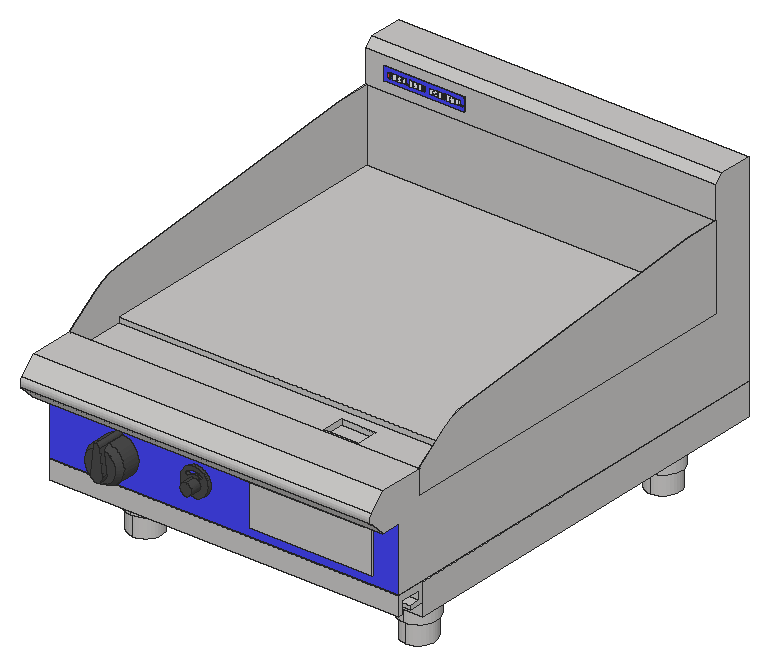
Revit family "QF_MOFFAT_BLUESEAL_CE_GP514-B", category Specialty Equipment, Revit 2012
Parameters
  Width = 600 mm
  Weight in Pounds = 238  # constant formula
  URL Cutsheet = "www.moffat.com"
  URL = "www.moffat.com"
  Type Mark [instance] = ""
  Status [instance] = ""
  Specification by User [instance] = ""
  Specification by Manufacturer = ""
  Show Logo [instance] = yes
  Serial Number = ""
  Seismic Rating = ""
  SMACNA No = ""
  Revision Code [instance] = ""
  Omniclass Number and Title = ""
  NAFEM Spec ID Number = ""
  Model = "GP514-B"
  Mechanical Remarks = ""
  Mechanical Connection Type = ""
  Masterspec = ""
  Manufacturer = "MOFFAT BLUESEAL"
  Keynote = ""
  Item Number [instance] = ""
  Installed By [instance] = ""
  Identify Quantity as Lot [instance] = yes
  Gas Size = 3/4"
  Gas RI Height [instance] = 0 mm
  Gas KW = 14.5
  Gas Input = 49300.0 Btu/h
  Gas Connection Height = 0 mm
  Furnished By [instance] = ""
  Foodservice Equipment Identifier [instance] = yes
  Description = "600MM GAS GRIDDLE PLATE BENCH MOUNT"
  Depth = 812 mm
  CSI MasterFormat = ""
  CSI Master Format = ""
  Base Height [instance] = 85 mm  # constant formula
Reference planes
  plane 1 "BACK": y = 0
  plane 2: z = 0
  plane 3 "LEFT": x = 0
  plane 4 "RIGHT": x = 600
  plane 5 "FRONT": y = -812
  plane 6 "TOP": z = 370
  plane 7 "Center Y": x = 300
  plane 8 "Center X": y = -406
  plane 9 "Base Height": z = 85
  plane 10: z = 110
  plane 11: y = -31
  plane 12: z = 485
  plane 13: y = -100
  plane 14: y = -625
  plane 15: x = 65.5
Forms (mm)
  Extrusion 1, solid, material "QF_Finishes_Stainless Steel"
    sketch origin (0, 0, 0) x (0, 1, 0) y (0, 0, 1)
      loop
        line (-749, 250) -> (-749, 140) -> (0, 140) -> (0, 485) -> (-57.5, 485) -> (-70, 472.5) -> (-70, 275) -> (-705, 275) -> (-705, 315) -> (-783.97, 315) -> (-808.485, 290.485)
        arc (-808.485, 290.485) -> (-811.999, 282) -> (-808.485, 273.515) r 12
        line (-808.485, 273.515) -> (-784.97, 250) -> (-749, 250)
      loop
        line (0, 85) -> (0, 139.206) -> (-699, 139.206) -> (-699, 85) -> (0, 85)
      loop
        line (-749, 139.206) -> (-749, 107.019) -> (-742.6, 107.019) -> (-742.6, 127.806) -> (-706.181, 127.806) -> (-706.181, 113.419) -> (-724.781, 113.419) -> (-724.781, 107.019) -> (-699.806, 107.019) -> (-699.806, 139.206) -> (-749, 139.206)
    from 0 to 600
  Revolve 2, solid, material "QF_Finishes_Stainless Steel"
    sketch origin (65.5, -728, 0) x (0, 1, 0) y (0, 0, 1)
      loop
        line (71.25, 85) -> (71.25, 35) -> (75.5, 35) -> (75.5, 0) -> (103, 0) -> (103, 85) -> (71.25, 85)
      axis (103, 85) -> (103, 0)
    angle from 0 to 360
  Revolve 3, solid, material "QF_Finishes_Stainless Steel"
    sketch origin (65.5, -211, 0) x (0, 1, 0) y (0, 0, 1)
      loop
        line (79.25, 85) -> (79.25, 35) -> (83.5, 35) -> (83.5, 0) -> (111, 0) -> (111, 85) -> (79.25, 85)
      axis (111, 85) -> (111, 0)
    angle from 0 to 360
  Revolve 4, solid, material "QF_Finishes_Black"
    sketch origin (127.768, 0, 22.808) x (0, -1, 0) y (0, 0, -1)
      loop
        line (789, -204.605) -> (800, -198.757) -> (800, -172.105) -> (749, -172.105) -> (749, -177.105) -> (759, -177.105) -> (759, -204.605) -> (789, -204.605)
      axis (800, -172.105) -> (749, -172.105)
    angle from 0 to 360
  Extrusion 5, solid, material "QF_Finishes_Black"
    sketch origin (118.701, 0, -79.102) x (-1, 0, 0) y (0, 0, -1)
      loop
        line (-19.488, -263.597) -> (-14.068, -306.515)
        arc (-14.068, -306.515) -> (-9.069, -311.402) -> (-4.07, -306.515) r 5
        line (-4.07, -306.515) -> (1.418, -262.43)
        arc (1.418, -262.43) -> (-9.653, -251.931) -> (-19.488, -263.597) r 10.487
    from 759 to 808
  Extrusion 6, solid, material "QF_Finishes_Stainless Steel"
    sketch origin (0, 0, 85) x (-1, 0, 0) y (0, 1, 0)
      loop
        circle (-470, -32) r 9.525
    from 0 to 15
  Revolve 7, solid, material "QF_Finishes_Stainless Steel"
    sketch origin (534.5, -728, 0) x (0, 1, 0) y (0, 0, -1)
      loop
        line (71.25, -85) -> (103, -85) -> (103, 0) -> (75.5, 0) -> (75.5, -35) -> (71.25, -35) -> (71.25, -85)
      axis (103, -85) -> (103, 0)
    angle from 0 to 360
  Revolve 8, solid, material "QF_Finishes_Stainless Steel"
    sketch origin (534.5, -211, 0) x (0, 1, 0) y (0, 0, -1)
      loop
        line (79.25, -85) -> (111, -85) -> (111, 0) -> (83.5, 0) -> (83.5, -35) -> (79.25, -35) -> (79.25, -85)
      axis (111, -85) -> (111, 0)
    angle from 0 to 360
  Extrusion 9, solid, material "QF_Finishes_Black"
    sketch origin (-57.5, -749, 264.021) x (0, 0, -1) y (1, 0, 0)
      loop
        circle (70, 310) r 24
      loop
        arc (60.1, 324.896) -> (52.078, 310.125) -> (59.882, 295.237) r 17.853
        arc (59.882, 295.237) -> (60.368, 294.997) -> (60.877, 295.182) r 0.689
        arc (60.877, 295.182) -> (62.232, 297.533) -> (62.658, 300.213) r 7.474
        arc (62.658, 300.213) -> (62.48, 301.239) -> (62.006, 302.166) r 3.462
        arc (62.006, 302.166) -> (59.591, 309.854) -> (61.844, 317.591) r 13.91
        arc (61.844, 317.591) -> (62.579, 319.157) -> (62.749, 320.878) r 5.108
        arc (62.749, 320.878) -> (62.234, 322.956) -> (61.084, 324.76) r 6.626
        arc (61.084, 324.76) -> (60.611, 324.967) -> (60.1, 324.896) r 0.947
    from 0 to 5
  Extrusion 10, solid, material "QF_Finishes_Black"
    sketch origin (-57.5, -754, 264.021) x (0, 0, -1) y (1, 0, 0)
      loop
        circle (73.5, 310) r 10.124
    from 0 to 18.251
  Extrusion 11, solid, material "QF_Finishes_Stainless Steel"
    sketch origin (450, -749, 267.771) x (0, 0, -1) y (1, 0, 0)
      loop
        line (26.5, -105) -> (113.5, -105) -> (113.5, 105) -> (26.5, 105) -> (26.5, -105)
    from 0 to 2.5
  Extrusion 12, solid, material "QF_Finishes_Stainless Steel"
    sketch origin (450, 0, -598.229) x (0, -1, 0) y (0, 0, 1)
      loop
        line (751.5, 839.5) -> (751.5, 837) -> (769.695, 837) -> (769.695, 839.5) -> (751.5, 839.5)
    from -105 to 105
Cuts and joins
  joined: Revolve 4, Extrusion 5
Lines and regions (mm)
  Split face 1
    outline origin (0, -56.5, 485) x (0, 1, 0) y (-1, 0, 0)
      loop
        arc (11.115, -264.794) -> (16.115, -273.455) -> (26.115, -273.455) r 10
        line (26.115, -273.455) -> (33.115, -269.413)
        arc (33.115, -269.413) -> (36.775, -265.753) -> (38.115, -260.753) r 10
        line (38.115, -260.753) -> (38.115, -32.794)
        arc (38.115, -32.794) -> (33.115, -24.134) -> (23.115, -24.134) r 10
        line (23.115, -24.134) -> (16.115, -28.176)
        arc (16.115, -28.176) -> (12.455, -31.836) -> (11.115, -36.836) r 10
        line (11.115, -36.836) -> (11.115, -264.794)
  Split face 2
    outline origin (0, -56.5, 485) x (0, 1, 0) y (-1, 0, 0)
      loop
        arc (11.115, -564.794) -> (16.115, -573.455) -> (26.115, -573.455) r 10
        line (26.115, -573.455) -> (33.115, -569.413)
        arc (33.115, -569.413) -> (36.775, -565.753) -> (38.115, -560.753) r 10
        line (38.115, -560.753) -> (38.115, -332.794)
        arc (38.115, -332.794) -> (33.115, -324.134) -> (23.115, -324.134) r 10
        line (23.115, -324.134) -> (16.115, -328.176)
        arc (16.115, -328.176) -> (12.455, -331.836) -> (11.115, -336.836) r 10
        line (11.115, -336.836) -> (11.115, -564.794)
  symbolic lines
    curve 1: line (0, 0, 0) -> (0, -812, 0)
    curve 2: line (600, 0, 0) -> (0, 0, 0)
    curve 3: line (600, -812, 0) -> (600, 0, 0)
    curve 4: line (0, -70, 0) -> (600, -70, 0)
    curve 5: line (0, -812, 0) -> (600, -812, 0)
    curve 6: line (600, -705, 0) -> (0, -705, 0)
    curve 7: line (0, -783.97, 0) -> (600, -783.97, 0)
    curve 8: line (0, -57.5, 0) -> (600, -57.5, 0)
    curve 9: line (2, -705, 0) -> (2, -70, 0)
    curve 10: line (598, -70, 0) -> (598, -705, 0)
    curve 11: line (260.753, -18.385, 0) -> (32.794, -18.385, 0)
    curve 12: arc (32.794, -18.385, 0) -> (24.134, -23.385, 0) -> (24.134, -33.385, 0) r 10
    curve 13: line (24.134, -33.385, 0) -> (28.176, -40.385, 0)
    curve 14: arc (28.176, -40.385, 0) -> (31.836, -44.045, 0) -> (36.836, -45.385, 0) r 10
    curve 15: line (36.836, -45.385, 0) -> (264.794, -45.385, 0)
    curve 16: arc (264.794, -45.385, 0) -> (273.455, -40.385, 0) -> (273.455, -30.385, 0) r 10
    curve 17: line (273.455, -30.385, 0) -> (269.413, -23.385, 0)
    curve 18: arc (269.413, -23.385, 0) -> (265.753, -19.725, 0) -> (260.753, -18.385, 0) r 10
    curve 19: line (332.794, -18.385, 0) -> (560.753, -18.385, 0)
    curve 20: arc (560.753, -18.385, 0) -> (565.753, -19.725, 0) -> (569.413, -23.385, 0) r 10
    curve 21: line (569.413, -23.385, 0) -> (573.455, -30.385, 0)
    curve 22: arc (573.455, -30.385, 0) -> (573.455, -40.385, 0) -> (564.794, -45.385, 0) r 10
    curve 23: line (564.794, -45.385, 0) -> (336.836, -45.385, 0)
    curve 24: arc (336.836, -45.385, 0) -> (331.836, -44.045, 0) -> (328.176, -40.385, 0) r 10
    curve 25: line (328.176, -40.385, 0) -> (324.134, -33.385, 0)
    curve 26: arc (324.134, -33.385, 0) -> (324.134, -23.385, 0) -> (332.794, -18.385, 0) r 10
Dimensions and locks
  equal spacing: plane 3 "LEFT", plane 7 "Center Y", plane 4 "RIGHT"
  "Width": plane 3 "LEFT" to plane 4 "RIGHT"
  equal spacing: plane 5 "FRONT", plane 8 "Center X", plane 1 "BACK"
  "Depth": plane 5 "FRONT" to plane 1 "BACK"
  equal spacing: plane 4 "RIGHT", plane 7 "Center Y", plane 3 "LEFT"
  plane 4 "RIGHT" to plane 3 "LEFT" = 600 mm
  plane 5 "FRONT" to plane 1 "BACK" = 812 mm
  "Base Height": plane 9 "Base Height" to level
  Revolve 4 sketch curve to Revolve 4 sketch curve to Revolve 4 sketch curve to Revolve 4 sketch curve = 5.849 mm locked, 21.651 mm locked, 5 mm locked
  plane 10 to level = 110 mm
  plane 11 to plane 1 "BACK" = 31 mm
  locked: plane 12 to plane 9 "Base Height" at 400
  plane 14 to plane 13 = 525 mm
  Extrusion 6 sketch curve to plane 4 "RIGHT" = 130 mm
  aligned and locked: level to plane 2
  aligned and locked: curve 3 to plane 4 "RIGHT"
  aligned and locked: Revolve 4 sketch curve to Extrusion 1
  aligned and locked: Extrusion 1 sketch curve to plane 12
Automatic sketch dimensions
  Extrusion 1 sketch curve to plane 9 "Base Height" = 0 mm
  Extrusion 1 sketch curve to plane 1 "BACK" = 0 mm  (x2)
  Extrusion 1 sketch curve to plane 11 = 26.5 mm
  Extrusion 1 sketch curve to Extrusion 1 sketch curve = 12.5 mm
  plane 10 to Extrusion 1 sketch curve = 29.206 mm
  Extrusion 1 sketch curve to plane 14 = 74 mm
  Extrusion 1 sketch curve to plane 10 = 2.981 mm  (x2)
  Extrusion 1 sketch curve to Extrusion 1 sketch curve = 0.806 mm
  Extrusion 1 sketch curve to plane 14 = 80 mm
  Extrusion 1 sketch curve to Extrusion 1 sketch curve = 6.376 mm
  Extrusion 1 sketch curve to Extrusion 1 sketch curve = 18.6 mm
  Extrusion 1 sketch curve to Extrusion 1 sketch curve = 17.819 mm
  Extrusion 1 sketch curve to Extrusion 1 sketch curve = 6.4 mm
  Extrusion 1 sketch curve to Extrusion 1 sketch curve = 0 mm  (x2)
  Extrusion 1 sketch curve to plane 5 "FRONT" = 28.03 mm
  Extrusion 1 sketch curve to plane 5 "FRONT" = 27.03 mm
  Extrusion 1 sketch curve to plane 5 "FRONT" = 12.001 mm
  Extrusion 1 sketch curve to plane 5 "FRONT" = 3.515 mm  (x2)
  plane 10 to Extrusion 1 sketch curve = 3.419 mm
  plane 10 to Extrusion 1 sketch curve = 17.806 mm
  Extrusion 1 sketch curve to Extrusion 1 sketch curve = 0.794 mm
  Extrusion 1 sketch curve to Extrusion 1 sketch curve = 110 mm
  Extrusion 1 sketch curve to Extrusion 1 sketch curve = 23.515 mm
  Extrusion 1 sketch curve to plane 6 "TOP" = 95 mm
  Extrusion 1 sketch curve to Extrusion 1 sketch curve = 8.485 mm
  Extrusion 1 sketch curve to Extrusion 1 sketch curve = 24.515 mm
  Extrusion 1 sketch curve to plane 12 = 12.5 mm
  Revolve 2 sketch curve to plane 9 "Base Height" = 0 mm
  Revolve 2 sketch curve to level = 0 mm
  Revolve 2 sketch curve to plane 14 = 0 mm  (x2)
  Revolve 2 sketch curve to Revolve 2 sketch curve = 27.5 mm
  Revolve 2 sketch curve to Revolve 2 sketch curve = 31.75 mm
  Revolve 2 sketch curve to Revolve 2 sketch curve = 55 mm
  level to Revolve 2 sketch curve = 35 mm
  Revolve 2 sketch curve to Revolve 2 sketch curve = 30 mm
  Revolve 3 sketch curve to plane 9 "Base Height" = 0 mm
  Revolve 3 sketch curve to level = 0 mm
  Revolve 3 sketch curve to plane 13 = 0 mm  (x2)
  Revolve 3 sketch curve to Revolve 3 sketch curve = 27.5 mm
  Revolve 3 sketch curve to Revolve 3 sketch curve = 31.75 mm
  Revolve 3 sketch curve to Revolve 3 sketch curve = 55 mm
  level to Revolve 3 sketch curve = 35 mm
  Revolve 3 sketch curve to Revolve 3 sketch curve = 30 mm
  Revolve 4 sketch curve to Revolve 4 sketch curve = 10 mm
  Revolve 4 sketch curve to Revolve 4 sketch curve = 21.3 mm
  Revolve 4 sketch curve to plane 5 "FRONT" = 23 mm
  Revolve 4 sketch curve to plane 5 "FRONT" = 12 mm
  Revolve 4 sketch curve to Revolve 4 sketch curve = 0 mm  (x2)
  plane 10 to Revolve 4 sketch curve = 117.413 mm
  Extrusion 5 sketch curve to plane 7 "Center Y" = 161.81 mm
  Extrusion 5 sketch curve to plane 7 "Center Y" = 167.231 mm
  Extrusion 5 sketch curve to Extrusion 5 sketch curve = 4.999 mm  (x2)
  plane 10 to Extrusion 5 sketch curve = 117.413 mm
  Extrusion 5 sketch curve to Extrusion 5 sketch curve = 0.113 mm
  Extrusion 5 sketch curve to Extrusion 5 sketch curve = 42.919 mm
  Extrusion 5 sketch curve to Extrusion 5 sketch curve = 1.167 mm
  Extrusion 1 to Extrusion 6 sketch curve = 32 mm
  Revolve 7 sketch curve to plane 9 "Base Height" = 0 mm
  Revolve 7 sketch curve to level = 0 mm
  Revolve 7 sketch curve to plane 14 = 0 mm  (x2)
  Revolve 7 sketch curve to Revolve 7 sketch curve = 27.5 mm
  Revolve 7 sketch curve to Revolve 7 sketch curve = 31.75 mm
  Revolve 7 sketch curve to Revolve 7 sketch curve = 30 mm
  Revolve 7 sketch curve to Revolve 7 sketch curve = 20 mm
  Revolve 7 sketch curve to level = 55 mm
  Revolve 8 sketch curve to plane 9 "Base Height" = 0 mm
  Revolve 8 sketch curve to level = 0 mm
  Revolve 8 sketch curve to plane 13 = 0 mm  (x2)
  Revolve 8 sketch curve to Revolve 8 sketch curve = 27.5 mm
  Revolve 8 sketch curve to Revolve 8 sketch curve = 31.75 mm
  Revolve 8 sketch curve to Revolve 8 sketch curve = 30 mm
  Revolve 8 sketch curve to Revolve 8 sketch curve = 20 mm
  Revolve 8 sketch curve to level = 55 mm
  Extrusion 5 sketch curve to Extrusion 5 sketch curve = 10.419 mm
  Extrusion 5 sketch curve to Extrusion 5 sketch curve = 10.487 mm
  plane 1 "BACK" to curve 1 = 0 mm
  curve 1 to plane 3 "LEFT" = 0 mm
  plane 5 "FRONT" to curve 1 = 0 mm
  plane 3 "LEFT" to curve 9 = 2 mm
  plane 4 "RIGHT" to curve 10 = 2 mm
  curve 7 to plane 5 "FRONT" = 28.03 mm
  curve 7 to curve 6 = 78.97 mm
  plane 13 to curve 9 = 30 mm
  curve 4 to curve 8 = 12.5 mm
  Extrusion 9 sketch curve to plane 7 "Center Y" = 47.5 mm  (x2)
  Extrusion 9 sketch curve to plane 7 "Center Y" = 57.473 mm
  Extrusion 9 sketch curve to plane 12 = 276.166 mm
  Extrusion 9 sketch curve to plane 7 "Center Y" = 37.157 mm
  Extrusion 9 sketch curve to Extrusion 9 sketch curve = 0.958 mm
  Extrusion 9 sketch curve to Extrusion 9 sketch curve = 1.509 mm
  Extrusion 9 sketch curve to Extrusion 9 sketch curve = 4.01 mm
  Extrusion 9 sketch curve to Extrusion 9 sketch curve = 0.685 mm
  Extrusion 9 sketch curve to Extrusion 9 sketch curve = 2.447 mm
  Extrusion 9 sketch curve to Extrusion 9 sketch curve = 0.524 mm
  Extrusion 9 sketch curve to Extrusion 9 sketch curve = 0.381 mm
  Extrusion 9 sketch curve to Extrusion 9 sketch curve = 0.472 mm
  Extrusion 9 sketch curve to Extrusion 9 sketch curve = 0 mm  (x4)
  Extrusion 9 sketch curve to Extrusion 9 sketch curve = 0.602 mm
  Extrusion 9 sketch curve to Extrusion 9 sketch curve = 4.19 mm
  Extrusion 9 sketch curve to Extrusion 9 sketch curve = 2.809 mm
  Extrusion 9 sketch curve to Extrusion 9 sketch curve = 0.652 mm
  Extrusion 9 sketch curve to Extrusion 9 sketch curve = 0.905 mm
  Extrusion 9 sketch curve to plane 7 "Center Y" = 47.507 mm
  Extrusion 9 sketch curve to Extrusion 9 sketch curve = 8.087 mm
  Extrusion 9 sketch curve to Extrusion 9 sketch curve = 0.069 mm
  Extrusion 9 sketch curve to Extrusion 9 sketch curve = 3.5 mm
  plane 4 "RIGHT" to Extrusion 11 sketch curve = 45 mm
  Extrusion 11 sketch curve to plane 12 = 243.729 mm
  Extrusion 11 sketch curve to Extrusion 11 sketch curve = 87 mm
  plane 7 "Center Y" to Extrusion 11 sketch curve = 45 mm
  Extrusion 12 sketch curve to plane 5 "FRONT" = 60.5 mm
  Extrusion 12 sketch curve to Extrusion 12 sketch curve = 18.195 mm
  Extrusion 12 sketch curve to plane 12 = 246.229 mm
  Extrusion 12 sketch curve to Extrusion 12 sketch curve = 2.5 mm
  Split face 1 sketch curve to Extrusion 1 = 12.115 mm
  Split face 1 sketch curve to Split face 1 sketch curve = 5 mm  (x3)
  Split face 1 sketch curve to Split face 1 sketch curve = 10 mm  (x2)
  Split face 1 sketch curve to Split face 1 sketch curve = 7 mm  (x4)
  Split face 1 sketch curve to Extrusion 1 = 326.545 mm
  Split face 1 sketch curve to Split face 1 sketch curve = 4.041 mm  (x2)
  Split face 1 sketch curve to Extrusion 1 = 563.164 mm
  Split face 2 sketch curve to Extrusion 1 = 12.115 mm
  Split face 2 sketch curve to Split face 2 sketch curve = 5 mm  (x3)
  Split face 2 sketch curve to Split face 2 sketch curve = 10 mm  (x2)
  Split face 2 sketch curve to Split face 2 sketch curve = 7 mm  (x4)
  Split face 2 sketch curve to Extrusion 1 = 26.545 mm
  Split face 2 sketch curve to Split face 2 sketch curve = 4.041 mm  (x2)
  Split face 2 sketch curve to Split face 2 sketch curve = 223.917 mm
  curve 13 to plane 11 = 2.385 mm
  plane 3 "LEFT" to curve 13 = 24.134 mm
  curve 13 to curve 14 = 4.041 mm
  plane 11 to curve 12 = 2.615 mm
  curve 12 to curve 12 = 8.66 mm
  curve 14 to plane 11 = 4.385 mm
  curve 12 to curve 14 = 4.041 mm
  curve 11 to plane 7 "Center Y" = 39.247 mm
  curve 18 to curve 16 = 4.041 mm
  plane 11 to curve 18 = 7.615 mm
  curve 18 to curve 18 = 8.66 mm
  plane 11 to curve 17 = 0.615 mm
  curve 18 to curve 17 = 4.041 mm
  curve 16 to plane 11 = 14.385 mm
  curve 25 to plane 11 = 2.385 mm
  plane 7 "Center Y" to curve 25 = 24.134 mm
  curve 25 to plane 11 = 9.385 mm
  curve 25 to curve 25 = 4.041 mm
  plane 11 to curve 26 = 2.615 mm
  curve 26 to curve 26 = 8.66 mm
  curve 26 to curve 24 = 4.041 mm
  plane 4 "RIGHT" to curve 20 = 39.247 mm
  curve 22 to plane 11 = 4.385 mm
  curve 20 to curve 22 = 4.041 mm  (x2)
  plane 11 to curve 21 = 7.615 mm
  curve 19 to curve 21 = 8.66 mm
  plane 11 to curve 22 = 0.615 mm
  radius of Extrusion 6 sketch curve = 9.525 mm
  radius of Extrusion 9 sketch curve = 24 mm
  radius of Extrusion 10 sketch curve to Extrusion 9 = 3.786 mm
Nested families
  nested 1: "WALDORF LOGO_FACE BASE" at (32, -70, 457.385) x (1, 0, 0) z (0, -1, 0), visible <- "Show Logo", type "WALDORF LOGO_FACE BASE", detail levels medium+fine
    with Show Logo yes
  nested 2: "GAS GRIDDLE 600" at (0, -70, 274.5), type "GAS GRIDDLE 600"
    with Width 600 mm, Type Mark "", Status "", Specification by User "", Show Clearance yes, Revision Code "", Number of Poles 1, Mechanical Remarks "", Mechanical Connection Type "", Item Number "", Installed By "", Identify Quantity as Lot yes, Gas RI Height 0 mm, Gas KW 0, Gas Input 0.0 Btu/h, Furnished By "", Foodservice Equipment Identifier yes, Electrical Remarks "", Electric Connection Type "", Elec Conn RI Height 0 mm, Elec Conn Connection Height 0 mm, Depth 635 mm
Connectors
  piping at (470, -32, 70)
    settings: on Extrusion 6, index 1, connector radius 0.37402", flow factor 0, pipe flow 0 GPM, pressure drop 0.00 psi, fitting loss kfactor 0, connector angle 0.00°, fixture units 0, engagement length 0 mm, flow configuration 1, flow direction 1, fitting loss method 0, system type 7, joint type 0, gender type 0, connector reference index -1, connector utility 0, adjustable connector no, is connector primary yes, fitting loss table "", connector description "GAS CONNECTION"
Definition of nested family "WALDORF LOGO_FACE BASE"
  Parameters (values of type "WALDORF LOGO_FACE BASE")
    Show Logo [instance] = yes
    Default Elevation = 1219.2 mm
  Reference planes
    plane 1 "Center (Front/Back)": y = 0
    plane 2: z = 0
    plane 3 "Center (Left/Right)": x = 0
  Forms (mm)
    Extrusion 1, solid
      sketch origin (0, 0, 0) x (1, 0, 0) y (0, 1, 0)
        loop
          line (-1219.2, 1219.2) -> (-1219.2, -1219.2) -> (1219.2, -1219.2) -> (1219.2, 1219.2) -> (-1219.2, 1219.2)
      from 0 to -304.8
    Extrusion 2, solid, material "QF_Finishes_Blue", visible <- "Show Logo"
      sketch origin (0, -33.217, 0) x (1, 0, 0) y (0, 1, 0)
        loop
          arc (138, 31.942) -> (137.626, 32.844) -> (136.724, 33.217) r 1.276
          line (136.724, 33.217) -> (1.29, 33.217)
          arc (1.29, 33.217) -> (0.378, 32.839) -> (0, 31.927) r 1.29
          line (0, 31.927) -> (0, 11.507)
          arc (0, 11.507) -> (0.378, 10.595) -> (1.29, 10.217) r 1.29
          line (1.29, 10.217) -> (136.71, 10.217)
          arc (136.71, 10.217) -> (137.622, 10.595) -> (138, 11.507) r 1.29
          line (138, 11.507) -> (138, 31.942)
      from 0 to 1.588
    Extrusion 3, solid, material "QF_Finishes_White", visible <- "Show Logo"
      sketch origin (0, -33.217, 1.588) x (1, 0, 0) y (0, 1, 0)
        loop
          arc (108.946, 25.919) -> (107.613, 25.367) -> (107.061, 24.034) r 1.885
          line (107.061, 24.034) -> (107.061, 17.211) -> (112.704, 17.211) -> (112.704, 19.129) -> (115.546, 19.129) -> (115.546, 17.211) -> (121.584, 17.211) -> (121.584, 24.075)
          arc (121.584, 24.075) -> (121.043, 25.379) -> (119.739, 25.919) r 1.845
          line (119.739, 25.919) -> (108.946, 25.919)
        loop
          line (123.478, 25.919) -> (123.478, 17.163) -> (134.904, 17.163) -> (134.904, 19.129) -> (129.246, 19.129) -> (129.246, 25.919) -> (123.478, 25.919)
        loop
          line (112.704, 21.258) -> (115.546, 21.258) -> (115.546, 22.702)
          arc (115.546, 22.702) -> (115.344, 23.188) -> (114.858, 23.389) r 0.687
          line (114.858, 23.389) -> (113.363, 23.389)
          arc (113.363, 23.389) -> (112.897, 23.196) -> (112.704, 22.73) r 0.658
          line (112.704, 22.73) -> (112.704, 21.258)
        loop
          line (105.071, 25.919) -> (93.771, 25.919) -> (93.771, 17.163) -> (105.071, 17.163) -> (105.071, 19.063) -> (99.535, 19.063) -> (99.535, 20.437) -> (105.071, 20.437) -> (105.071, 22.278) -> (99.535, 22.278) -> (99.535, 23.587) -> (105.071, 23.587) -> (105.071, 25.919)
        loop
          line (91.104, 25.919) -> (79.541, 25.919)
          arc (79.541, 25.919) -> (78.558, 25.513) -> (78.152, 24.53) r 1.389
          line (78.152, 24.53) -> (78.152, 22.08)
          arc (78.152, 22.08) -> (78.558, 21.098) -> (79.541, 20.691) r 1.389
          line (79.541, 20.691) -> (86.346, 20.691) -> (86.346, 18.864) -> (83.266, 18.864) -> (83.266, 19.664) -> (78.152, 19.664) -> (78.152, 18.553)
          arc (78.152, 18.553) -> (78.558, 17.57) -> (79.541, 17.163) r 1.389
          line (79.541, 17.163) -> (91.063, 17.163)
          arc (91.063, 17.163) -> (92.045, 17.57) -> (92.452, 18.553) r 1.389
          line (92.452, 18.553) -> (92.452, 20.691)
          arc (92.452, 20.691) -> (92.045, 21.673) -> (91.063, 22.08) r 1.389
          line (91.063, 22.08) -> (83.266, 22.08) -> (83.266, 23.984) -> (86.346, 23.984) -> (86.346, 22.743) -> (92.452, 22.743) -> (92.452, 24.571)
          arc (92.452, 24.571) -> (92.057, 25.524) -> (91.104, 25.919) r 1.348
        loop
          line (70.705, 25.919) -> (59.405, 25.919) -> (59.405, 17.163) -> (70.705, 17.163) -> (70.705, 19.063) -> (65.169, 19.063) -> (65.169, 20.437) -> (70.705, 20.437) -> (70.705, 22.278) -> (65.169, 22.278) -> (65.169, 23.587) -> (70.705, 23.587) -> (70.705, 25.919)
        loop
          line (57.598, 25.919) -> (51.7, 25.919) -> (51.7, 20.18)
          arc (51.7, 20.18) -> (50.63, 19.11) -> (49.56, 20.18) r 1.07
          line (49.56, 20.18) -> (49.56, 25.919) -> (43.663, 25.919) -> (43.663, 19.049)
          arc (43.663, 19.049) -> (44.215, 17.716) -> (45.548, 17.163) r 1.885
          line (45.548, 17.163) -> (55.71, 17.163)
          arc (55.71, 17.163) -> (57.045, 17.716) -> (57.598, 19.051) r 1.887
          line (57.598, 19.051) -> (57.598, 25.919)
        loop
          line (31.62, 25.919) -> (31.62, 17.163) -> (43.046, 17.163) -> (43.046, 19.129) -> (37.388, 19.129) -> (37.388, 25.919) -> (31.62, 25.919)
        loop
          line (15.969, 25.919) -> (15.969, 17.163) -> (28.693, 17.163)
          arc (28.693, 17.163) -> (29.812, 17.627) -> (30.276, 18.746) r 1.582
          line (30.276, 18.746) -> (30.276, 20.447) -> (29.48, 21.243) -> (30.276, 22.039) -> (30.276, 24.332)
          arc (30.276, 24.332) -> (29.811, 25.454) -> (28.688, 25.919) r 1.587
          line (28.688, 25.919) -> (15.969, 25.919)
        loop
          line (21.449, 24.159) -> (21.449, 22.436) -> (23.862, 22.436)
          arc (23.862, 22.436) -> (24.723, 23.298) -> (23.862, 24.159) r 0.861
          line (23.862, 24.159) -> (21.449, 24.159)
        loop
          line (21.449, 20.244) -> (21.449, 18.522) -> (23.862, 18.522)
          arc (23.862, 18.522) -> (24.723, 19.383) -> (23.862, 20.244) r 0.861
          line (23.862, 20.244) -> (21.449, 20.244)
      from 0 to 0.2
    Extrusion 4, solid, material "QF_Finishes_Blue", visible <- "Show Logo"
      sketch origin (-126.498, -31.09, 1.588) x (1, 0, 0) y (0, 1, 0)
        loop
          line (136.738, 23.522) -> (136.738, 15.1)
          arc (136.738, 15.1) -> (140.756, 19.311) -> (136.738, 23.522) r 4.216
      from 0 to 0.2
    Extrusion 5, solid, material "QF_Finishes_Red", visible <- "Show Logo"
      sketch origin (146.849, -31.09, 1.588) x (-1, 0, 0) y (0, -1, 0)
        loop
          arc (136.738, -23.522) -> (140.756, -19.311) -> (136.738, -15.1) r 4.216
          line (136.738, -15.1) -> (136.738, -23.522)
      from 0 to 0.2
  Lines and regions (mm)
    Split face 1
      outline origin (-90.35, -30.793, 1.588) x (1, 0, 0) y (0, 1, 0)
        loop
          circle (100.54, 19.013) r 4.536
  Dimensions and locks
    aligned and locked: plane 2 to Extrusion 1
    aligned and locked: level to Extrusion 1
Definition of nested family "GAS GRIDDLE 600"
  Parameters (values of type "GAS GRIDDLE 600")
    Width [instance] = 600 mm
    Weight in Pounds = 0
    Watts = 0 W
    Volts = 0 V
    URL Cutsheet = ""
    Type Mark [instance] = ""
    Status [instance] = ""
    Specification by User [instance] = ""
    Specification by Manufacturer = ""
    Show Clearance [instance] = yes
    Serial Number = ""
    Seismic Rating = ""
    SMACNA No = ""
    Revision Code [instance] = ""
    Phase = 1
    Omniclass Number and Title = ""
    Number of Poles [instance] = 1
    NAFEM Spec ID Number = ""
    Min Ckt Ampacity = 0 A
    Mechanical Remarks [instance] = ""
    Mechanical Connection Type [instance] = ""
    Max Overcurrent Protection = 0 A
    Masterspec = ""
    Item Number [instance] = ""
    Installed By [instance] = ""
    Identify Quantity as Lot [instance] = yes
    HP = ""
    Gas Size = 0"
    Gas RI Height [instance] = 0 mm
    Gas KW [instance] = 0
    Gas Input [instance] = 0.0 Btu/h
    Gas Connection Height = 0 mm
    Furnished By [instance] = ""
    Foodservice Equipment Identifier [instance] = yes
    FL Amps = 0 A
    Electrical Remarks [instance] = ""
    Electric Connection Type [instance] = ""
    Elec Conn RI Height [instance] = 0 mm
    Elec Conn Connection Height [instance] = 0 mm
    Depth [instance] = 635 mm
    Cycle = 0 Hz
    Conn Plug = ""
    Conn Conduit = yes
    CSI MasterFormat = ""
    CSI Master Format = ""
    Apparent Power = if(Phase = 3, Volts * FL Amps * 1.73, Volts * FL Amps)  # 0 VA
  Reference planes
    plane 1 "BACK": y = 0
    plane 2: z = 0
    plane 3 "LEFT": x = 0
    plane 4 "RIGHT": x = 600
    plane 5 "FRONT": y = -635
    plane 6 "TOP": z = 142.5
    plane 7 "Center Y": x = 300
    plane 8 "Center X": y = -317.5
    plane 9: y = -530.997
    plane 10: y = -541.497
    plane 11: y = -503.25
    plane 12: y = -557.737
  Forms (mm)
    Extrusion 1, solid, material "QF_Finishes_Stainless Steel"
      sketch origin (0, 70.003, -874.5) x (0, 1, 0) y (0, 0, 1)
        loop
          line (-70, 875) -> (-70, 1017) -> (-127.048, 1017) -> (-604.533, 971.023)
          arc (-604.533, 971.023) -> (-629.56, 965.303) -> (-652.306, 953.399) r 100
          line (-652.306, 953.399) -> (-705.003, 916.5) -> (-705.003, 875) -> (-70, 875)
      from 0 to 1.8
    Extrusion 2, solid, material "QF_Finishes_Stainless Steel"
      sketch origin (600, 70.003, -874.5) x (0, -1, 0) y (0, 0, 1)
        loop
          line (70, 875) -> (705.003, 875) -> (705.003, 916.5) -> (652.306, 953.399)
          arc (652.306, 953.399) -> (629.56, 965.303) -> (604.533, 971.023) r 100
          line (604.533, 971.023) -> (127.048, 1017) -> (70, 1017) -> (70, 875)
      from 0 to 1.2
    Extrusion 3, solid, material "QF_Finishes_Stainless Steel"
      sketch origin (150, 70.003, -874.5) x (0, 1, 0) y (0, 0, 1)
        loop
          line (-70.003, 894) -> (-602.103, 894) -> (-602.103, 884.5) -> (-683.795, 884.5) -> (-683.795, 895) -> (-705.003, 895) -> (-705.003, 875) -> (-70.003, 875) -> (-70.003, 894)
      from -148.2 to 448.8
    Extrusion 4, void
      sketch origin (150, -561.497, 10) x (0, -1, 0) y (1, 0, 0)
        loop
          line (-9.205, 249.25) -> (29.295, 249.25) -> (29.295, 309.25) -> (-9.205, 309.25) -> (-9.205, 249.25)
      from -41.4 to 40.142
    Extrusion 5, solid, material "QF_Finishes_Stainless Steel"
      sketch origin (0, 0, 0) x (1, 0, 0) y (0, 1, 0)
        loop
          line (1.8, 0) -> (1.8, -1.2) -> (598.8, -1.2) -> (598.8, 0) -> (1.8, 0)
      from 19.5 to 142.5
  Cuts and joins
    Extrusion 4 cuts Extrusion 3
    joined: Extrusion 1, Extrusion 2, Extrusion 3
  Lines and regions (mm)
    symbolic lines
      curve 1: line (600, -532.1, 0) -> (0, -532.1, 0)
      curve 2: line (0, -613.792, 0) -> (600, -613.792, 0)
      curve 3: line (0, 0, 0) -> (600, 0, 0)
      curve 4: line (600, 0, 0) -> (600, -635, 0)
      curve 5: line (0, -635, 0) -> (0, 0, 0)
      curve 6: line (0, -635, 0) -> (600, -635, 0)
      curve 7: line (399.25, -552.292, 0) -> (459.25, -552.292, 0)
      curve 8: line (399.25, -590.792, 0) -> (399.25, -552.292, 0)
      curve 9: line (459.25, -590.792, 0) -> (399.25, -590.792, 0)
      curve 10: line (459.25, -552.292, 0) -> (459.25, -590.792, 0)
  Dimensions and locks
    equal spacing: plane 3 "LEFT", plane 7 "Center Y", plane 4 "RIGHT"
    "Width": plane 3 "LEFT" to plane 4 "RIGHT"
    equal spacing: plane 5 "FRONT", plane 8 "Center X", plane 1 "BACK"
    "Depth": plane 5 "FRONT" to plane 1 "BACK"
    locked: Extrusion 2 to Extrusion 2 at 1.2
    aligned and locked: level to plane 2
    aligned and locked: Extrusion 2 to plane 4 "RIGHT"
    aligned and locked: cut or joined group of Extrusion 1, Extrusion 2, Extrusion 3, Extrusion 4 to cut or joined group of Extrusion 1, Extrusion 2, Extrusion 3, Extrusion 4
  Automatic sketch dimensions
    Extrusion 1 sketch curve to plane 5 "FRONT" = 0 mm
    Extrusion 1 sketch curve to plane 6 "TOP" = 0 mm
    plane 12 to Extrusion 1 sketch curve = 24.566 mm
    Extrusion 1 sketch curve to plane 12 = 23.207 mm
    Extrusion 1 sketch curve to level = 3.016 mm
    plane 11 to Extrusion 1 sketch curve = 21.695 mm
    plane 1 "BACK" to Extrusion 1 sketch curve = 57.045 mm
    Extrusion 1 sketch curve to plane 1 "BACK" = 0.003 mm
    level to Extrusion 1 sketch curve = 0.5 mm
    Extrusion 1 sketch curve to Extrusion 1 sketch curve = 41.5 mm
    Extrusion 1 sketch curve to plane 6 "TOP" = 63.601 mm
    Extrusion 2 sketch curve to plane 6 "TOP" = 0 mm
    Extrusion 2 sketch curve to plane 5 "FRONT" = 0 mm
    plane 12 to Extrusion 2 sketch curve = 24.566 mm
    Extrusion 2 sketch curve to plane 12 = 23.207 mm
    Extrusion 2 sketch curve to level = 3.016 mm
    plane 11 to Extrusion 2 sketch curve = 21.695 mm
    plane 1 "BACK" to Extrusion 2 sketch curve = 57.045 mm
    Extrusion 2 sketch curve to plane 1 "BACK" = 0.003 mm
    level to Extrusion 2 sketch curve = 0.5 mm
    Extrusion 2 sketch curve to Extrusion 2 sketch curve = 41.5 mm
    Extrusion 2 sketch curve to plane 6 "TOP" = 63.601 mm
    Extrusion 3 sketch curve to plane 5 "FRONT" = 0 mm
    Extrusion 3 sketch curve to plane 1 "BACK" = 0 mm
    level to Extrusion 3 sketch curve = 10 mm
    Extrusion 3 sketch curve to plane 5 "FRONT" = 21.208 mm
    plane 9 to Extrusion 3 sketch curve = 1.103 mm
    level to Extrusion 3 sketch curve = 0.5 mm
    Extrusion 3 sketch curve to Extrusion 3 sketch curve = 10.5 mm
    Extrusion 3 sketch curve to Extrusion 3 sketch curve = 9.5 mm
    Extrusion 4 sketch curve to plane 12 = 5.445 mm
    plane 12 to Extrusion 4 sketch curve = 33.055 mm
    plane 7 "Center Y" to Extrusion 4 sketch curve = 99.25 mm
    Extrusion 4 sketch curve to Extrusion 4 sketch curve = 60 mm
    plane 1 "BACK" to Extrusion 5 sketch curve = 0 mm
    plane 3 "LEFT" to Extrusion 5 sketch curve = 1.8 mm
    plane 4 "RIGHT" to Extrusion 5 sketch curve = 1.2 mm
    Extrusion 5 sketch curve to Extrusion 5 sketch curve = 1.2 mm
    curve 6 to plane 3 "LEFT" = 0 mm
    curve 4 to plane 4 "RIGHT" = 0 mm
    plane 5 "FRONT" to curve 6 = 0 mm
    plane 1 "BACK" to curve 3 = 0 mm
    curve 8 to plane 12 = 5.445 mm
    plane 7 "Center Y" to curve 8 = 99.25 mm
    curve 7 to curve 10 = 60 mm
    curve 2 to plane 5 "FRONT" = 21.208 mm
    plane 12 to curve 9 = 33.055 mm
    curve 1 to plane 12 = 25.637 mm
